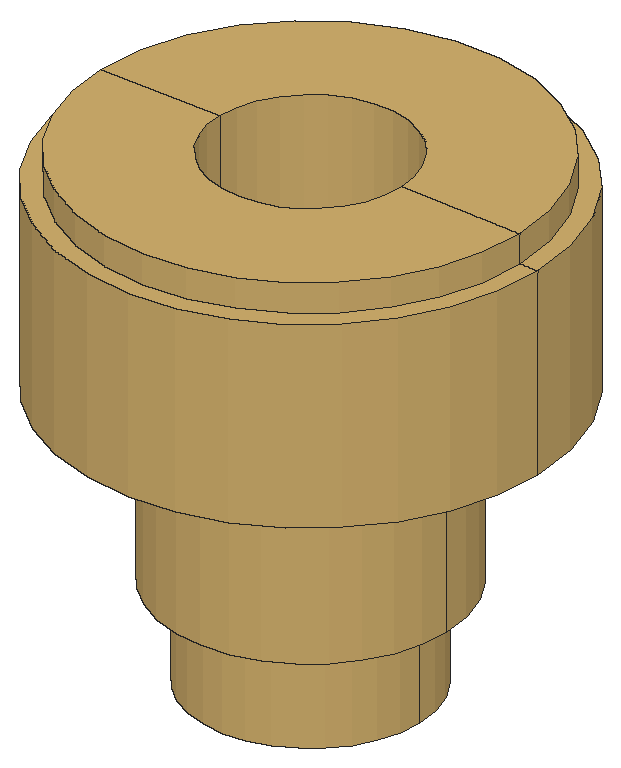
Revit family "обра́тный кла́пан 2621 00 (01)", category Rohrzubehör, Revit 2018
Family settings
  Bemaßung runder Anschluss = Durchmesser verwenden
  Teiletyp = Unterbricht
  OmniClass-Nummer = 23.65.55.14
  OmniClass-Titel = Valves for Liquid Services
  Arbeitsebenenbasiert = Nein
  Immer vertikal = Ja
  Beim Laden mit Abzugskörper schneiden = Nein
  Gemeinsam genutzt = Nein
Parameters
  Номер заказа [instance] = if(Nennweite AG = 10.000 mm, 1262100, if(Nennweite AG = 15.000 mm, 1262101, 0))  # 1262101
  Корпус = "Латунь"  # constant formula
  SCTWSEQ = "FW;SBT_TYP_FW=\"108\";2"
  SCTWCODE = "04;14;02"  # constant formula
  SCRNSEQ = "AWI;AWI_TYP=\"1007\";2"
  SCRNCODE = "05;17;02"  # constant formula
  Nennweite IG = 10.000 mm  # constant formula
  Макс. рабочая температура = 110 °C  # constant formula
  URL = "www.herz-armaturen.ru"
  Nennweite AG [instance] = 15.000 mm
  Макс. рабочее давление = 1000000.0 Pa  # constant formula
  Hersteller = "Herz-Armaturen GmbH"  # constant formula
  H04 [instance] = if(Nennweite AG = 10.000 mm, 4.500 mm, if(Nennweite AG = 15.000 mm, 5.000 mm, 0.000 mm))  # 5.000 mm
  H03 = 9.500 mm  # constant formula
  H02 [instance] = if(Nennweite AG = 10.000 mm, 14.000 mm, if(Nennweite AG = 15.000 mm, 10.000 mm, 0.000 mm))  # 10.000 mm
  H01 = 9.500 mm  # constant formula
  H00 [instance] = if(Nennweite AG = 10.000 mm, 29.500 mm, if(Nennweite AG = 15.000 mm, 26.000 mm, 0.000 mm))  # 26.000 mm
  G2 = Nennweite IG / 2  # 5.000 mm
  G1 [instance] = Nennweite AG / 2  # 7.500 mm
  D03 [instance] = if(Nennweite AG = 10.000 mm, 4.000 mm, if(Nennweite AG = 15.000 mm, 6.000 mm, 0.000 mm))  # 6.000 mm
  D02 [instance] = if(Nennweite AG = 10.000 mm, 11.000 mm, if(Nennweite AG = 15.000 mm, 12.500 mm, 0.000 mm))  # 12.500 mm
  D01 [instance] = if(Nennweite AG = 10.000 mm, 10.000 mm, if(Nennweite AG = 15.000 mm, 11.500 mm, 0.000 mm))  # 11.500 mm
Reference planes
  plane 1 "Mitte (Vorne/hinten)": y = 0
  plane 2: z = 0
  plane 3 "Mitte (Links/rechts)": x = 0
Forms (mm)
  Revolve 1, solid, material "Messing", detail levels fine
    sketch origin (0, 0, 0) x (1, 0, 0) y (0, 0, 1)
      loop
        line (-11.5, 21) -> (-11.5, 19.5) -> (-12.5, 19.5) -> (-12.5, 9.5) -> (-7.5, 9.5) -> (-7.5, 0) -> (-6, 0) -> (-6, -5) -> (0, -5) -> (0, 11.5) -> (-5, 11.5) -> (-5, 21) -> (-11.5, 21)
      axis (0, 21) -> (0, -5)
    angle from 0 to 360
Lines and regions (mm)
  model lines, detail levels coarse+medium
    curve 1: line (-12.5, 0, 21) -> (12.5, 0, 21)
    curve 2: line (12.5, 0, 21) -> (-12.5, 0, -5)
    curve 3: line (-12.5, 0, -5) -> (12.5, 0, -5)
    curve 4: circle (-12.5, 0, -4.998) r 5 normal (0, -1, 0)
    curve 5: line (0, -12.5, 21) -> (0, 12.5, 21)
    curve 6: line (0, 12.5, 21) -> (0, -12.5, -5)
    curve 7: line (0, -12.5, -5) -> (0, 12.5, -5)
    curve 8: circle (0, -12.5, -5) r 5 normal (1, 0, 0)
Dimensions and locks
  "H02": Revolve 1 sketch curve to Revolve 1 sketch curve
  "D01": Revolve 1 sketch curve to Revolve 1 sketch curve
  "G1": Revolve 1 sketch curve to Revolve 1 sketch curve
  "H01": Revolve 1 sketch curve to Revolve 1 sketch curve
  "D02": Revolve 1 sketch curve to Revolve 1 sketch curve
  "G2": Revolve 1 sketch curve to Revolve 1 sketch curve
  "H03": Revolve 1 sketch curve to Revolve 1 sketch curve
  "H04": Revolve 1 sketch curve to Revolve 1 sketch curve
  "H00": Revolve 1 sketch curve to Revolve 1 sketch curve
  "D03": Revolve 1 sketch curve to Revolve 1 sketch curve
  "H00": curve 1 to curve 3
  "H04": plane 2 to curve 3
  "D02": curve 2 to plane 3 "Mitte (Links/rechts)" to curve 1
  "D02": curve 3 to plane 3 "Mitte (Links/rechts)" to curve 3
  "H00": curve 7 to curve 5
  "H04": plane 2 to curve 7
  "D02": curve 5 to plane 1 "Mitte (Vorne/hinten)" to curve 6
  "D02": curve 7 to plane 1 "Mitte (Vorne/hinten)" to curve 7
  aligned and locked: level to plane 2
Automatic sketch dimensions
  curve 8 to curve 6 = 0.000 mm  (x2)
  curve 4 to curve 2 = 0.000 mm
  curve 2 to curve 4 = 0.002 mm
  Revolve 1 sketch curve to level = 0.000 mm
  Revolve 1 sketch curve to plane 3 "Mitte (Links/rechts)" = 0.000 mm  (x2)
  Revolve 1 sketch curve to Revolve 1 sketch curve = 1992.000 mm
  Revolve 1 sketch curve to Revolve 1 sketch curve = 1979.000 mm
  radius of curve 8 = 5.000 mm
  radius of curve 4 = 5.000 mm
Connectors
  piping at (0, 0, -5), diameter 15, driven by "Nennweite AG"
    settings: on Revolve 1, index 1, connector inside diameter 609.6 mm, connector length 0.000 mm, flow factor 0, pipe flow 0.0 L/s, pressure drop 0.0 Pa, fitting loss kfactor 0, connector angle 0.00°, fixture units 0, engagement length 0.000 mm, angle of deflection 0.00°, flow configuration 0, flow direction 1, fitting loss method 0, system type 29, joint type 0, gender type 0, connector reference index -1, connector utility 0, adjustable connector no, is connector primary yes, connector description ""
  piping at (0, 0, 11.5), diameter 10, driven by "Nennweite IG"
    settings: on Revolve 1, index 2, connector inside diameter 609.6 mm, connector length 0.000 mm, flow factor 0, pipe flow 0.0 L/s, pressure drop 0.0 Pa, fitting loss kfactor 0, connector angle 0.00°, fixture units 0, engagement length 0.000 mm, angle of deflection 0.00°, flow configuration 0, flow direction 2, fitting loss method 0, system type 29, joint type 0, gender type 0, connector reference index -1, connector utility 0, adjustable connector no, is connector primary no, connector description ""
